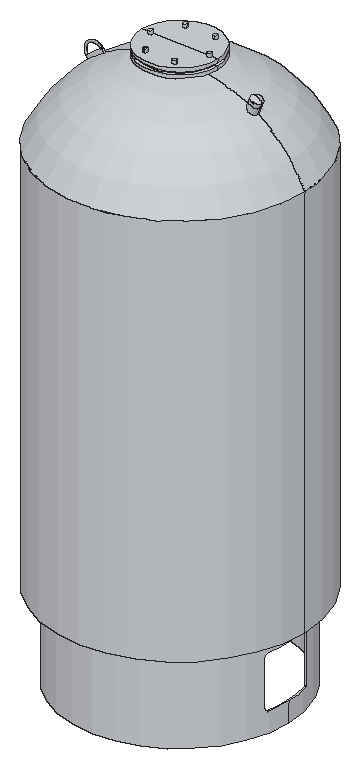
Revit family "FXA-2500", category Mechanical Equipment, Revit 2014
Parameters (values of type "FXA-2500")
  VoidLength = 7 1/2"
  URL = "http://westank.com/"
  TankVolume = "660 Gallons"
  SystemConnectionAngle = 50.00°
  PartNumber = "21012500"
  OuterRadius = 15"
  Model = "FXA-2500"
  MaximumOperatingTemperature = "240°F"
  MaximumOperatingPressure = "125 PSIG"
  Manufacturer = "Wessels Company"
  InnerRadius = 14.766"
  InnerCircleDiameter = E - 3" / 4  # 41 1/4"
  HandleAngle = 120.00°
  G = 8 1/4"
  E = 42"
  F = 9"
  DrainAngle = 63.00°
  C = 4"
  BottomOfTheCylinder = 6.11811"
  B = 110.00025"
  ApproximateShipmentWeight = "1430 lbs"
  Angle = 35.00°
  A = 48"
Reference planes (in)
  plane 1 "Center (Front/Back)": y = 0
  plane 2: z = 0
  plane 3 "Center (Left/Right)": x = 0
  plane 4: x = -24
  plane 5: y = 1.9685
  plane 6: y = -1.9685
  plane 7: z = 110.00025
  plane 8: x = 24
  plane 9: y = 0.15626
  plane 10: y = -0.15626
  plane 11: x = 18
  plane 12: x = -21
  plane 13: x = 21
  plane 14: y = 0
  plane 15: y = 8.22887
  plane 16: y = -8.22887
  plane 17: through (0.00466, -180, 75.19677) normal (-0.9999, 0, -0.0139)
  plane 18: x = 9
  plane 19: x = 7
  plane 20: x = 11
  plane 21: z = 106.36755
  plane 22: z = 8.25
  plane 23: z = 89.33887
  plane 24: z = 88.33887
Forms (in)
  Revolve 1, solid
    sketch origin (0, 0, -5.12551) x (1, 0, 0) y (0, 0, 1)
      loop
        arc (0, 111.51648) -> (-14.17009, 108.34699) -> (-24, 97.66007) r 24.28898
        line (-24, 97.66007) -> (-24, 21.74885)
        arc (-24, 21.74885) -> (-12.32539, 17.68597) -> (0, 16.74357) r 47.93669
        line (0, 16.74357) -> (0, 111.51648)
      axis (0, 111.51648) -> (0, 16.74357)
    angle from 0 to 360
  Extrusion 2, solid
    sketch origin (0, 0, 0) x (1, 0, 0) y (0, 1, 0)
      loop
        circle (0, 0) r 21
      loop
        circle (0, 0) r 20.625
    from 19.49834 to 0
  Revolve 3, solid
    sketch origin (8.70354, 0, 74.53956) x (0.390731, 0, 0.920505) y (-0.920505, 0, 0.390731)
      loop
        line (28.29083, 6.34876) -> (28.29083, 5.26036) -> (29.79723, 5.26036) -> (29.79723, 5.29333) -> (30.60537, 5.29333)
        arc (30.60537, 5.29333) -> (30.95061, 5.76471) -> (30.96752, 6.34876) r 0.9835
        line (30.96752, 6.34876) -> (28.29083, 6.34876)
      axis (28.29083, 6.34876) -> (30.96752, 6.34876)
    angle from 0 to 360
  Sweep 4, solid
    path origin (-1.51061, 0, 75.27989) x (-0.593314, 0, 0.804971) y (-0.804971, 0, -0.593314)
      loop
        arc (30.7835, -2.45373) -> (32.5335, -4.20373) -> (30.7835, -5.95373) r 1.75
    profile origin (-17.42932, 0, 103.96254) x (-0.593314, 0, 0.804971) y (0, -1, 0)
      loop
        circle (0, 0) r 0.15625
  Extrusion 5, solid
    sketch origin (1.38179, 0, 71.35565) x (-0.593314, 0, 0.804971) y (-0.804971, 0, -0.593314)
      loop
        line (35.6585, -2.29813) -> (34.68153, -2.29813) -> (34.68153, -6.11323) -> (35.6585, -6.11323) -> (35.6585, -2.29813)
    from 0.15626 to -0.15626
  Sweep 6, solid
    path origin (-12.625, 0, 44.33927) x (-1, 0, 0) y (0, 0, -1)
      loop
        arc (12.10198, -12.25) -> (13.85198, -14) -> (12.10198, -15.75) r 1.75
    profile origin (-26.47698, 0, 58.33927) x (-1, 0, 0) y (0, -1, 0)
      loop
        circle (0, 0) r 0.15625
  Extrusion 7, solid
    sketch origin (-7.75, 0, 44.33927) x (-1, 0, 0) y (0, 0, -1)
      loop
        line (16.97698, -12.09439) -> (16, -12.09439) -> (16, -15.9095) -> (16.97698, -15.9095) -> (16.97698, -12.09439)
    from 0.15626 to -0.15626
  Revolve 8, solid
    sketch origin (0.22045, 0, 73.50107) x (0, 0, 1) y (-1, 0, 0)
      loop
        line (36.03385, 0.22045) -> (32.29369, 0.22045) -> (32.29369, -4.1341)
        arc (32.29369, -4.1341) -> (33.27794, -3.90868) -> (34.26219, -4.1341) r 2.26145
        line (34.26219, -4.1341) -> (34.26219, -7.10972) -> (34.85274, -7.10972) -> (34.85274, -6.49344) -> (35.44329, -6.49344) -> (35.44329, -7.10972) -> (36.03385, -7.10972) -> (36.03385, 0.22045)
      axis (36.03385, 0.22045) -> (32.29369, 0.22045)
    angle from 0 to 360
  Revolve 9, solid
    sketch origin (0.93854, 0, 22.27473) x (0.172627, 0, -0.984987) y (0.984987, 0, 0.172627)
      loop
        line (13.18144, 5.26166) -> (9.44128, 5.26166) -> (9.44128, 2.12786)
        arc (9.44128, 2.12786) -> (10.42553, 2.35329) -> (11.40978, 2.12786) r 2.26145
        line (11.40978, 2.12786) -> (11.40978, -0.47276) -> (12.00033, -0.47276) -> (12.00033, 0.14353) -> (12.59089, 0.14353) -> (12.59089, -0.47276) -> (13.18144, -0.47276) -> (13.18144, 5.26166)
      axis (9.44128, 5.26166) -> (13.18144, 5.26166)
    angle from 0 to 360
  Extrusion 10, solid
    sketch origin (7.89187, -2.56268, 10.23894) x (-0.984979, 0, -0.172675) y (-0.000004, 1, 0.000023)
      loop
        circle (-3.74768, 6.40672) r 0.3937
    from 0.59055 to -2.11745
  Extrusion 11, solid
    sketch origin (9.7889, -2.64003, 10.57118) x (-0.747584, -0.651106, -0.131069) y (-0.641335, 0.758987, -0.112375)
      loop
        circle (-3.74768, 6.40672) r 0.3937
    from 0.59055 to -2.11248
  Extrusion 12, solid
    sketch origin (11.27836, -1.44481, 10.83203) x (-0.149831, -0.988362, -0.026308) y (-0.973528, 0.152123, -0.170595)
      loop
        circle (-3.74768, 6.40672) r 0.3937
    from 0.59055 to -2.10562
  Extrusion 13, solid
    sketch origin (11.64303, 0.44684, 10.89537) x (0.520149, -0.849202, 0.091112) y (-0.836457, -0.528068, -0.146572)
      loop
        circle (-3.74768, 6.40672) r 0.3937
    from 0.59055 to -2.11832
  Extrusion 14, solid
    sketch origin (10.70595, 2.1231, 10.73114) x (0.939407, -0.300705, 0.16459) y (-0.296195, -0.953717, -0.051887)
      loop
        circle (-3.74768, 6.40672) r 0.3937
    from 0.59055 to -2.10775
  Extrusion 15, solid
    sketch origin (8.91968, 2.77597, 10.41801) x (0.905852, 0.392739, 0.158709) y (0.386839, -0.91965, 0.067821)
      loop
        circle (-3.74768, 6.40672) r 0.3937
    from 0.59055 to -2.10608
  Extrusion 16, solid
    sketch origin (7.14519, 2.09076, 10.10699) x (0.435656, 0.896873, 0.076304) y (0.883404, -0.442288, 0.154848)
      loop
        circle (-3.74768, 6.40672) r 0.3937
    from 0.59055 to -2.11652
  Extrusion 17, solid
    sketch origin (6.23683, 0.39774, 9.94923) x (-0.244533, 0.968691, -0.042905) y (0.954145, 0.248268, 0.167246)
      loop
        circle (-3.74768, 6.40672) r 0.3937
    from 0.59055 to -2.10776
  Extrusion 18, solid
    sketch origin (6.63409, -1.48699, 10.0187) x (-0.806847, 0.573576, -0.141456) y (0.564961, 0.819153, 0.099038)
      loop
        circle (-3.74768, 6.40672) r 0.3937
    from 0.59055 to -2.10712
  Extrusion 19, solid
    sketch origin (7.85796, 0, -9.14698) x (0, 1, 0) y (1, 0, 0)
      loop
        circle (0, 1.14174) r 2
    from -20.98349 to -17.39698
  Extrusion 20, void
    sketch origin (0, -0.25, 0) x (0, 1, 0) y (0, 0, 1)
      loop
        arc (-4.18856, 13.89225) -> (-4.64423, 13.64637) -> (-4.90626, 13.19979) r 0.96129
        line (-4.90626, 13.19979) -> (-4.90626, 4.71015)
        arc (-4.90626, 4.71015) -> (-4.66396, 4.07046) -> (-4.06716, 3.73618) r 1
        line (-4.06716, 3.73618) -> (5.26697, 3.73618)
        arc (5.26697, 3.73618) -> (5.33966, 3.76629) -> (5.36977, 3.83898) r 0.1028
        line (5.36977, 3.83898) -> (5.36977, 13.11445)
        arc (5.36977, 13.11445) -> (5.14196, 13.66444) -> (4.59198, 13.89225) r 0.77779
        line (4.59198, 13.89225) -> (-4.18856, 13.89225)
    from 25.46527 to 16.16015
  Extrusion 21, solid
    sketch origin (0.89762, 1.57065, 109.4097) x (-0.5, 0.866025, 0.000001) y (-0.866025, -0.5, 0.000001)
      loop
        circle (-3.74768, 6.40672) r 0.3937
    from 0.59055 to -2.3622
  Extrusion 22, solid
    sketch origin (1.80951, 0.0088, 109.40966) x (0.499999, 0.866026, -0.000008) y (-0.866026, 0.499999, 0.000001)
      loop
        circle (-3.74768, 6.40672) r 0.3937
    from 0.59055 to -2.3622
  Extrusion 23, solid
    sketch origin (0.91244, -1.56739, 109.40919) x (1, 0.000002, -0.000001) y (-0.000002, 1, 0.000044)
      loop
        circle (-3.74768, 6.40672) r 0.3937
    from 0.59055 to -2.3622
  Extrusion 24, solid
    sketch origin (-0.72302, -1.57065, 109.41112) x (0.500002, -0.866024, -0.001071) y (0.866022, 0.500003, -0.001855)
      loop
        circle (-3.74768, 6.40672) r 0.3937
    from 0.59055 to -2.3622
  Extrusion 25, solid
    sketch origin (-1.80758, -0.00547, 109.40979) x (-0.499996, -0.866028, 0.000027) y (0.866028, -0.499996, 0.000001)
      loop
        circle (-3.74768, 6.40672) r 0.3937
    from 0.59055 to -2.3622
  Extrusion 26, solid
    sketch origin (-0.90397, 1.56585, 109.40935) x (-1, -0.000006, 0.000026) y (0.000006, -1, 0.00003)
      loop
        circle (-3.74768, 6.40672) r 0.3937
    from 0.59055 to -2.3622
  Extrusion 27, solid
    sketch origin (0.89858, 1.57065, 109.40945) x (-0.500006, 0.866022, 0.000001) y (-0.866022, -0.500006, 0.000001)
      loop
        circle (-3.74768, 6.40672) r 0.3937
    from 0.59055 to -2.3622
  Extrusion 28, solid
    sketch origin (0, 0, 2.5) x (0, 1, 0) y (0, 0, 1)
      loop
        circle (0, 86.33887) r 0.5
    from -23.66872 to -25.35485
Cuts and joins
  Extrusion 20 cuts Extrusion 2
  joined: Revolve 1, Extrusion 2, Revolve 3, Extrusion 5, Extrusion 7, Revolve 8, Revolve 9, Extrusion 19
Dimensions and locks (in)
  equal spacing: plane 5, plane 1 "Center (Front/Back)", plane 6
  "B": plane 7 to level
  equal spacing: plane 8, plane 3 "Center (Left/Right)", plane 4
  "A": plane 8 to plane 4
  plane 9 to plane 10 = 0.31252"
  equal spacing: plane 13, plane 3 "Center (Left/Right)", plane 12
  "E": plane 13 to plane 12
  locked: Revolve 3 sketch curve to Revolve 3 sketch curve at 0.03297
  equal spacing: plane 15, plane 14, plane 16
  locked: Revolve 8 sketch curve to Revolve 8 sketch curve at 0.59055  (x3)
  locked: Revolve 8 sketch curve to Revolve 8 sketch curve at 1.9685
  locked: Revolve 9 sketch curve to Revolve 9 sketch curve at 0.59055  (x3)
  locked: Revolve 9 sketch curve to Revolve 9 sketch curve at 1.9685
  locked: Extrusion 19 sketch curve to plane 1 "Center (Front/Back)" at 0
  "F": plane 18 to plane 3 "Center (Left/Right)"
  equal spacing: plane 20, plane 18, plane 19
  "C": plane 20 to plane 19
  locked: Extrusion 19 sketch curve to plane 18 at 0.0003
  plane 7 to plane 21 = 3.6327"
  "G": plane 22 to level
  plane 23 to plane 24 = 1"
  "C": diameter of Extrusion 19 sketch curve
  "E": diameter of Extrusion 2 sketch curve
  "InnerCircleDiameter": diameter of Extrusion 2 sketch curve
  aligned and locked: level to plane 2
  aligned and locked: plane 4 to Revolve 1 sketch curve
  aligned and locked: Revolve 3 sketch curve to Revolve 3 sketch curve
  aligned and locked: Extrusion 5 sketch curve to Sweep 4
  aligned and locked: Extrusion 5 to plane 10
  aligned and locked: plane 9 to Extrusion 5
  aligned and locked: Extrusion 7 sketch curve to Sweep 6
  aligned and locked: Revolve 8 sketch curve to Revolve 8 sketch curve
  aligned and locked: Revolve 9 sketch curve to Revolve 9 sketch curve
  aligned and locked: Revolve 8 sketch curve to plane 3 "Center (Left/Right)"
  aligned and locked: Extrusion 21 to plane 7
  aligned and locked: Extrusion 22 to plane 7
  aligned and locked: Extrusion 25 to plane 7
  aligned and locked: Extrusion 19 to plane 22
Automatic sketch dimensions
  Revolve 1 sketch curve to plane 3 "Center (Left/Right)" = 0"  (x2)
  Revolve 1 sketch curve to plane 3 "Center (Left/Right)" = 2.5386"
  Revolve 1 sketch curve to plane 3 "Center (Left/Right)" = 2.0256"
  plane 22 to Revolve 1 sketch curve = 3.36806"
  level to Revolve 1 sketch curve = 16.62334"
  plane 24 to Revolve 1 sketch curve = 6.15227"
  Revolve 1 sketch curve to plane 23 = 3.19569"
  Revolve 1 sketch curve to Revolve 1 sketch curve = 21.15481"
  Extrusion 2 sketch curve to Extrusion 2 sketch curve = 0"  (x2)
  plane 1 "Center (Front/Back)" to Extrusion 2 sketch curve = 0"
  Extrusion 2 sketch curve to plane 3 "Center (Left/Right)" = 0"
  Sweep 6 sketch curve to plane 4 = 0.72698"
  plane 24 to Sweep 6 sketch curve = 29.9996"
  Sweep 6 sketch curve to Sweep 6 sketch curve = 1 3/4"
  Sweep 6 sketch curve to profile plane = 0"
  profile plane to Sweep 6 sketch curve = 0"
  plane 4 to Extrusion 7 sketch curve = 1/4"
  plane 24 to Extrusion 7 sketch curve = 28.0901"
  Extrusion 7 sketch curve to Extrusion 7 sketch curve = 3.81511"
  Revolve 8 sketch curve to plane 3 "Center (Left/Right)" = 0"
  Revolve 8 sketch curve to plane 7 = 4.2055"
  Revolve 8 sketch curve to plane 19 = 0.60942"
  Revolve 8 sketch curve to Revolve 8 sketch curve = 0.98425"
  Revolve 8 sketch curve to plane 19 = 0.28611"
  plane 19 to Revolve 8 sketch curve = 0.33017"
  Revolve 8 sketch curve to Revolve 8 sketch curve = 2.03603"
  Revolve 8 sketch curve to Revolve 8 sketch curve = 0"
  plane 7 to Revolve 8 sketch curve = 0.53466"
  plane 19 to Revolve 9 sketch curve = 0.75103"
  plane 22 to Revolve 9 sketch curve = 5.63349"
  Revolve 9 sketch curve to Revolve 9 sketch curve = 0.98425"
  Revolve 9 sketch curve to Revolve 9 sketch curve = 3.1338"
  Revolve 9 sketch curve to Revolve 9 sketch curve = 1.98434"
  Revolve 9 sketch curve to Revolve 9 sketch curve = 0.05169"
  Revolve 9 sketch curve to Revolve 9 sketch curve = 0.61629"
  Revolve 9 sketch curve to Revolve 9 sketch curve = 19.38704"
  Revolve 9 sketch curve to Revolve 9 sketch curve = 0.1272"
  Revolve 9 sketch curve to Revolve 9 sketch curve = 0"
  plane 16 to Extrusion 20 sketch curve = 3.0726"
  Extrusion 20 sketch curve to Extrusion 20 sketch curve = 0.7177"
  Extrusion 20 sketch curve to Extrusion 20 sketch curve = 0.8391"
  Extrusion 20 sketch curve to Extrusion 20 sketch curve = 0.21179"
  Extrusion 20 sketch curve to Extrusion 20 sketch curve = 0.16082"
  plane 5 to Extrusion 20 sketch curve = 2.37347"
  plane 5 to Extrusion 20 sketch curve = 3.04847"
  Extrusion 20 sketch curve to Extrusion 20 sketch curve = 0.1028"
  level to Extrusion 20 sketch curve = 3.73618"
  Extrusion 20 sketch curve to Extrusion 20 sketch curve = 0.97397"
  plane 22 to Extrusion 20 sketch curve = 4.70457"
  Extrusion 20 sketch curve to Extrusion 20 sketch curve = 9.27547"
  Extrusion 28 sketch curve to plane 1 "Center (Front/Back)" = 0"
  plane 23 to Extrusion 28 sketch curve = 1/2"
  Revolve 1 sketch curve to plane 21 = 8.28488"
  plane 12 to Sweep 4 sketch curve = 4.60898"
  Sweep 4 sketch curve to plane 7 = 7.44641"
  Sweep 4 sketch curve to Sweep 4 sketch curve = 1 3/4"
  Sweep 4 sketch curve to profile plane = 0"
  profile plane to Sweep 4 sketch curve = 0"
  Extrusion 5 sketch curve to Extrusion 5 sketch curve = 0.97698"
  plane 12 to Extrusion 5 sketch curve = 6.14607"
  Extrusion 5 sketch curve to Extrusion 5 sketch curve = 3.81511"
  plane 20 to Revolve 3 sketch curve = 2.91359"
  Revolve 3 sketch curve to plane 7 = 6.9382"
  Revolve 3 sketch curve to Revolve 3 sketch curve = 1.5064"
  Revolve 3 sketch curve to Revolve 3 sketch curve = 0"
  Revolve 3 sketch curve to Revolve 3 sketch curve = 0.22312"
  Revolve 3 sketch curve to Revolve 3 sketch curve = 0.80814"
  Revolve 3 sketch curve to Revolve 3 sketch curve = 0.94717"
  Revolve 3 sketch curve to Revolve 3 sketch curve = 0.26484"
  Revolve 3 sketch curve to Revolve 3 sketch curve = 5.44847"
  Revolve 3 sketch curve to Revolve 3 sketch curve = 0.07201"
  radius of Extrusion 21 sketch curve = 0.3937"
  radius of Extrusion 22 sketch curve = 0.3937"
  radius of Extrusion 23 sketch curve = 0.3937"
  radius of Extrusion 24 sketch curve = 0.3937"
  radius of Extrusion 25 sketch curve = 0.3937"
  radius of Extrusion 26 sketch curve = 0.3937"
  radius of Extrusion 27 sketch curve = 0.3937"
  radius of Sweep 6 sketch curve = 5/32"
  radius of Extrusion 10 sketch curve = 0.3937"
  radius of Extrusion 11 sketch curve = 0.3937"
  radius of Extrusion 12 sketch curve = 0.3937"
  radius of Extrusion 13 sketch curve = 0.3937"
  radius of Extrusion 14 sketch curve = 0.3937"
  radius of Extrusion 15 sketch curve = 0.3937"
  radius of Extrusion 16 sketch curve = 0.3937"
  radius of Extrusion 17 sketch curve = 0.3937"
  radius of Extrusion 18 sketch curve = 0.3937"
  radius of Extrusion 28 sketch curve = 1/2"
  radius of Sweep 4 sketch curve = 5/32"
Connectors (in)
  piping at (8.9997, 0, 8.25), diameter 4, driven by "C"
    settings: on Extrusion 19, index 1, connector inside diameter 24", connector length 0", flow factor 0, pipe flow 0 GPM, pressure drop 0.00 psi, fitting loss kfactor 0, connector angle 0.00°, fixture units 0, engagement length 0", angle of deflection 0.00°, flow configuration 0, flow direction 0, fitting loss method 0, system type 7, joint type 0, gender type 0, connector reference index -1, connector utility 0, adjustable connector no, is connector primary yes, connector description ""
